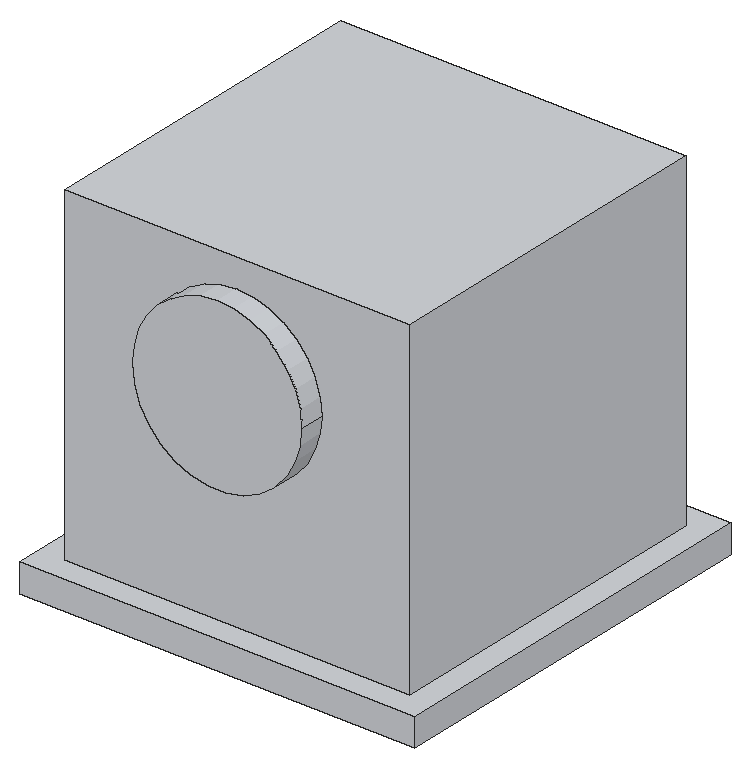
Revit family "bbccf379d48b4945aea5ce0a06ee6e25", category Mechanical Equipment, Revit 2021
Family settings
  Round Connector Dimension = Use Radius
  Part Type = Normal
  OmniClass Number = 23.75.35.17.17.11
  OmniClass Title = Ceiling Fans
  Seek Item ID = Exhauster with Cabinet - Round Connection - Ceiling Mounted-0000-USA-ENU
  Work Plane-Based = No
  Always vertical = Yes
  Cut with Voids When Loaded = No
  Shared = No
  Room Calculation Point = No
Parameters (values of type "100 CFM")
  Voltage = 120 V
  Symbol Motor Radius = Fan Width * 0.35  # 0' - 4.2875"
  Symbol Length 1 = 0.3 * Symbol Motor Radius  # 0' - 1.28625"
  Load Classification = Cooling
  External Static Pressure [instance] = 0.10 in-wg
  Small Symbol Motor Radius = Symbol Motor Radius - 0' 3"  # 0' - 1.2875"
  Eighth of Diffuser Width = 0.125 * Diffuser Width  # 0' - 1 3/4"
  Eighth of Diffuser Length = 0.125 * Diffuser Length  # 0' - 1 3/4"
  Number of Poles = 1
  Fan Width = 1' - 0 1/4"
  Fan Material = none
  Fan Length = 1' - 0 1/4"
  Fan Height = 0' - 11 3/4"
  Duct Radius = 3"
  Duct Diameter = Duct Radius * 2  # 6"
  Diffuser Width = 1' - 2"
  Diffuser Material = none
  Diffuser Length = 1' - 2"
  Default Elevation = 0' - 0"
  Apparent Load [instance] = 100 VA
  Air Flow [instance] = 117 CFM
Types (5): name | Duct Radius | Duct Diameter | Apparent Load | Air Flow
  (no name) | 3" | 6" | 100 VA | 117 CFM
  150 CFM | 3" | 6" | 100 VA | 163 CFM
  200 CFM | 4" | 8" | 212 VA | 210 CFM
  100 CFM | 3" | 6" | 100 VA | 117 CFM
  300 CFM | 4" | 8" | 212 VA | 314 CFM
Reference planes (in)
  plane 1 "Center (Front/Back)": y = 0
  plane 2: z = 0
  plane 3 "Center (Left/Right)": x = 0
  plane 4: z = 11.75
  plane 5: z = -1
  plane 6: z = 10.75
  plane 7: z = 7.75
  plane 8: y = 6.125
  plane 9: y = -6.125
  plane 10: x = 6.125
  plane 11: x = -6.125
  plane 12: x = 7
  plane 13: x = -7
  plane 14: y = 7
  plane 15: y = -7
  plane 16: y = 5.25
  plane 17: y = 3.5
  plane 18: y = 1.75
  plane 19: y = -5.25
  plane 20: y = -3.5
  plane 21: y = -1.75
  plane 22: x = 5.25
  plane 23: x = 3.5
  plane 24: x = 1.75
  plane 25: x = -5.25
  plane 26: x = -3.5
  plane 27: x = -1.75
  plane 28: y = 4.2875
  plane 29: x = 4.2875
  plane 30: x = 5.57375
Forms (in)
  Extrusion 1, solid, material <- "Diffuser Material"
    sketch origin (0, 0, 0) x (1, 0, 0) y (0, 1, 0)
      loop
        line (-7, 7) -> (-7, -7) -> (7, -7) -> (7, 7) -> (-7, 7)
    from -1 to 0
  Extrusion 2, solid, material <- "Fan Material"
    sketch origin (0, 0, 0) x (1, 0, 0) y (0, 0, 1)
      loop
        circle (0, 7.75) r 3
    from 6.125 to 7
  Extrusion 3, solid, material <- "Fan Material"
    sketch origin (0, 0, 0) x (1, 0, 0) y (0, 1, 0)
      loop
        line (-6.125, 6.125) -> (-6.125, -6.125) -> (6.125, -6.125) -> (6.125, 6.125) -> (-6.125, 6.125)
    from 0 to 11.75
Lines and regions (in)
  symbolic lines
    curve 1: line (7, 7, 0) -> (-7, 7, 0)
    curve 2: line (-7, 7, 0) -> (-7, -7, 0)
    curve 3: line (-7, -7, 0) -> (7, -7, 0)
    curve 4: line (7, -7, 0) -> (7, 7, 0)
  symbolic lines, detail levels coarse+medium
    curve 5: line (-5.25, 5.25, 0) -> (5.25, 5.25, 0)
    curve 6: line (-5.25, -5.25, 0) -> (-5.25, 5.25, 0)
    curve 7: line (5.25, -5.25, 0) -> (-5.25, -5.25, 0)
    curve 8: line (5.25, 5.25, 0) -> (5.25, -5.25, 0)
    curve 9: line (-3.5, 3.5, 0) -> (3.5, 3.5, 0)
    curve 10: line (-3.5, -3.5, 0) -> (-3.5, 3.5, 0)
    curve 11: line (3.5, -3.5, 0) -> (-3.5, -3.5, 0)
    curve 12: line (3.5, 3.5, 0) -> (3.5, -3.5, 0)
    curve 13: line (-1.75, 1.75, 0) -> (1.75, 1.75, 0)
    curve 14: line (-1.75, -1.75, 0) -> (-1.75, 1.75, 0)
    curve 15: line (1.75, -1.75, 0) -> (-1.75, -1.75, 0)
    curve 16: line (1.75, 1.75, 0) -> (1.75, -1.75, 0)
  symbolic lines, detail levels fine
    curve 17: line (-6.125, 6.125, 0) -> (6.125, 6.125, 0)
    curve 18: line (-6.125, -6.125, 0) -> (-6.125, 6.125, 0)
    curve 19: line (6.125, -6.125, 0) -> (-6.125, -6.125, 0)
    curve 20: line (6.125, 6.125, 0) -> (6.125, -6.125, 0)
    curve 21: line (-3, -6.125, 0) -> (3, -6.125, 0)
    curve 22: line (-3, -7, 0) -> (-3, -6.125, 0)
    curve 23: line (3, -6.125, 0) -> (3, -7, 0)
Dimensions and locks (in)
  locked: plane 5 to plane 2 at 1
  "Fan Height": plane 4 to plane 2
  locked: plane 4 to plane 6 at 1
  "Duct Radius": plane 6 to plane 7
  equal spacing: plane 9, plane 1 "Center (Front/Back)", plane 8
  "Fan Width": plane 9 to plane 8
  equal spacing: plane 11, plane 3 "Center (Left/Right)", plane 10
  "Fan Length": plane 11 to plane 10
  equal spacing: plane 13, plane 3 "Center (Left/Right)", plane 12
  "Diffuser Length": plane 13 to plane 12
  equal spacing: plane 15, plane 1 "Center (Front/Back)", plane 14
  "Diffuser Width": plane 15 to plane 14
  "Eighth of Diffuser Width": plane 16 to plane 14
  "Eighth of Diffuser Width": plane 17 to plane 16
  "Eighth of Diffuser Width": plane 18 to plane 17
  "Eighth of Diffuser Width": plane 1 "Center (Front/Back)" to plane 18
  "Eighth of Diffuser Width": plane 19 to plane 15
  "Eighth of Diffuser Width": plane 20 to plane 19
  "Eighth of Diffuser Width": plane 21 to plane 20
  "Eighth of Diffuser Width": plane 1 "Center (Front/Back)" to plane 21
  "Eighth of Diffuser Length": plane 13 to plane 25
  "Eighth of Diffuser Length": plane 25 to plane 26
  "Eighth of Diffuser Length": plane 26 to plane 27
  "Eighth of Diffuser Length": plane 27 to plane 3 "Center (Left/Right)"
  "Eighth of Diffuser Length": plane 22 to plane 12
  "Eighth of Diffuser Length": plane 23 to plane 22
  "Eighth of Diffuser Length": plane 24 to plane 23
  "Eighth of Diffuser Length": plane 3 "Center (Left/Right)" to plane 24
  "Symbol Motor Radius": plane 1 "Center (Front/Back)" to plane 28
  "Symbol Motor Radius": plane 3 "Center (Left/Right)" to plane 29
  "Symbol Length 1": plane 29 to plane 30
  locked: plane 9 to connector elem at 2
  locked: Extrusion 1 to connector elem at 2
  equal spacing: curve 22, plane 3 "Center (Left/Right)", curve 23
  "Duct Diameter": curve 22 to curve 23
  "Duct Radius": radius of Extrusion 2 sketch curve
  aligned and locked: plane 13 to Extrusion 1 sketch curve
  aligned and locked: plane 14 to Extrusion 1 sketch curve
  aligned and locked: plane 15 to Extrusion 1 sketch curve
  aligned and locked: Extrusion 1 sketch curve to plane 12
  aligned and locked: plane 3 "Center (Left/Right)" to Extrusion 2 sketch curve
  aligned and locked: plane 7 to Extrusion 2 sketch curve
  aligned and locked: Extrusion 1 to plane 5
  aligned and locked: plane 2 to Extrusion 1
  aligned and locked: Extrusion 2 to plane 15
  aligned and locked: plane 9 to Extrusion 2
  aligned and locked: plane 11 to Extrusion 3 sketch curve
  aligned and locked: plane 8 to Extrusion 3 sketch curve
  aligned and locked: plane 9 to Extrusion 3 sketch curve
  aligned and locked: Extrusion 3 sketch curve to plane 10
  aligned and locked: plane 4 to Extrusion 3
  aligned and locked: Extrusion 3 to plane 2
  aligned and locked: curve 1 to Extrusion 1
  aligned and locked: curve 2 to Extrusion 1
  aligned and locked: curve 3 to Extrusion 1
  aligned and locked: curve 4 to Extrusion 1
  aligned and locked: plane 25 to curve 5
  aligned and locked: plane 16 to curve 5
  aligned and locked: plane 19 to curve 8
  aligned and locked: curve 8 to plane 22
  aligned and locked: plane 26 to curve 9
  aligned and locked: plane 17 to curve 9
  aligned and locked: plane 20 to curve 12
  aligned and locked: curve 12 to plane 23
  aligned and locked: plane 27 to curve 13
  aligned and locked: plane 18 to curve 13
  aligned and locked: plane 21 to curve 16
  aligned and locked: curve 16 to plane 24
  aligned and locked: curve 17 to Extrusion 3  (x2)
  aligned and locked: Extrusion 3 to curve 20
  aligned and locked: curve 20 to Extrusion 3
  aligned and locked: curve 21 to Extrusion 2
Automatic sketch dimensions
  Extrusion 3 sketch curve to plane 10 = 0' - 0"
Connectors (in)
  hvac at (0, -7, 7.75), driven by "Duct Radius", driven by "Air Flow", driven by "External Static Pressure"
    settings: on Extrusion 2, index 1, duct flow 117 CFM, flow factor 0, pres drop 0.10 in-wg, loss coef 0, conn angle 0.00°, conn width 12", conn height 12", conn diameter 6", duct sys type 3, conn prof type 0, flow config 0, flow direction 2, loss method 0, conn ref index -1, conn util no, is conn primary yes, conn desc ""
  electrical at (-6.125, -4.125, 2), driven by "Apparent Load", driven by "Voltage", driven by "Number of Poles", driven by "Load Classification"
    settings: on plane 11, index 2, voltage 120 V, apparent load 100 VA, apparent load phase1 0 VA, apparent load phase2 0 VA, apparent load phase3 0 VA, power factor 0.8, load classification "Cooling", number of poles 1, system type 30, power factor state 1, is connector primary yes, connector utility no, sub classification motor no, connector description ""
